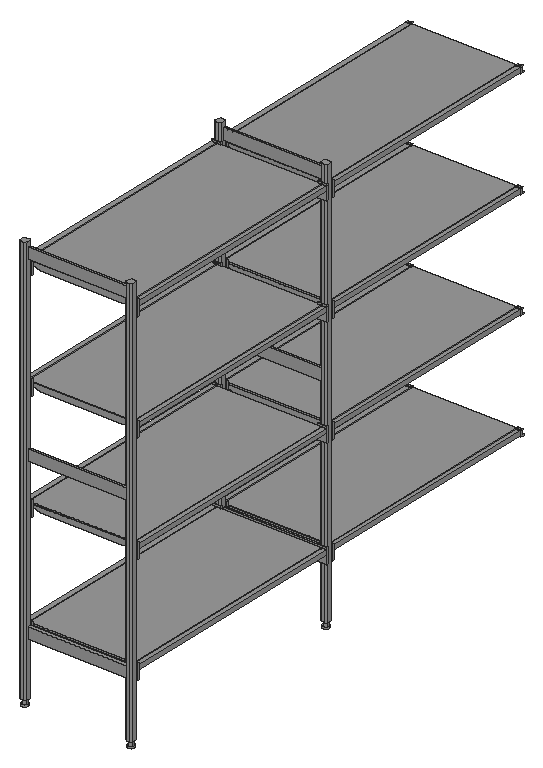
Revit family "QF_ELECTROLUXPROFESSIONAL_137084_CLS2016", category Attrezzature speciali, Revit 2020
Family settings
  Quota connettore circolare = Usa diametro
  Tipo di parte = Normale
  Basato su piano di lavoro = No
  Sempre verticale = Sì
  Taglio con vuoti quando caricato = No
  Condiviso = No
  Punto di calcolo locali = No
Parameters (values of type "Standard")
  Weight = 36.00 kg
  Watts = 0 W
  Volts = 0 V
  URL Manufacturer = "https://www.electroluxprofessional.com/"
  URL = "https://www.electroluxprofessional.com/"
  Steam Supply Size = 0 mm
  Steam Supply Minimum Pressure = 0.0 Pa
  Steam Supply Maximum Pressure = 0.0 Pa
  Steam Consumption per Hour = 0
  Refrigeration Suction Line Size = 0.0 mm
  Refrigeration Liquid Line Size = 0.0 mm
  Refrigerant Compressor Remote = yes
  Prospetto di default = 0.0 mm
  Phase = 0
  Modello = "CLS2016"
  Produttore = "Electrolux Professional"
  Length Actual = 2020.0 mm  # constant formula
  Item Number = "137084"
  Hot Water Size = 0 mm
  Height Actual = 1700.0 mm  # constant formula
  HP = "0 HP"
  Gas Size = 0 mm
  Gas KW = 0
  Gas Input Pressure = 0 W
  Direct Waste Size = 0 mm
  Descrizione = "ALUM.CORNER SHELV.-POLY.TIERS-475X2020MM"
  Depth Actual = 475.0 mm  # constant formula
  Cycle = 0 Hz
  Condensate Return Size = 0 mm
  Compressed Air Volume = 0.0 L/s
  Compressed Air Size = 0 mm
  Compressed Air Pressure = 0.0 Pa
  Cold Water Size = 0 mm
  Accessory = yes
Reference planes
  plane 1: z = 0
  plane 2 "CenterLeft": y = -535.5
  plane 3 "FRONT": y = -921.5
  plane 4 "LEFT": x = 192.5
  plane 5 "RIGHT": x = 667.5
  plane 6 "TOP": z = 1700
  plane 7: y = -889.5
  plane 8: y = 84.5
  plane 9 "Center (Left/Back)": x = 430
  plane 10: x = 256
  plane 11: x = 668
  plane 12 "FEET": z = 25
  plane 13: z = 275
  plane 14: z = 725
  plane 15: z = 1175
  plane 16: z = 1625
  plane 17 "CXLeft": y = -907.5
  plane 18 "Center (Front/Back)": y = 102.5
  plane 19 "CYFront": x = 510
  plane 20: y = 1094.5
  plane 21: y = 120.5
  plane 22 "BACK": y = 1098.5
  plane 23 "LEFT_ORIGIN": x = 158.5
  plane 24 "BACK_ORIGIN": y = 1573.5
Forms (mm)
  Extrusion 1, solid, material "QF_Aluminum"
    sketch origin (38.022, -921.5, -4.006) x (-1, 0, 0) y (0, 0, 1)
      loop
        line (-189.5, 1637.003) -> (-173.5, 1637.003) -> (-173.5, 1655) -> (-175.493, 1655) -> (-175.493, 1648.501) -> (-608.5, 1648.501) -> (-608.5, 1655) -> (-610.5, 1655) -> (-610.5, 1637.003) -> (-594.5, 1637.003) -> (-560.5, 1625) -> (-223.5, 1625) -> (-189.5, 1637.003)
      loop
        line (-189.5, 1187.003) -> (-173.5, 1187.003) -> (-173.5, 1205) -> (-175.493, 1205) -> (-175.493, 1198.501) -> (-608.5, 1198.501) -> (-608.5, 1205) -> (-610.5, 1205) -> (-610.5, 1187.003) -> (-594.5, 1187.003) -> (-560.5, 1175) -> (-223.5, 1175) -> (-189.5, 1187.003)
      loop
        line (-189.5, 737.003) -> (-173.5, 737.003) -> (-173.5, 755) -> (-175.493, 755) -> (-175.493, 748.501) -> (-608.5, 748.501) -> (-608.5, 755) -> (-610.5, 755) -> (-610.5, 737.003) -> (-594.5, 737.003) -> (-560.5, 725) -> (-223.5, 725) -> (-189.5, 737.003)
      loop
        line (-189.5, 287.003) -> (-173.5, 287.003) -> (-173.5, 305) -> (-175.493, 305) -> (-175.493, 298.501) -> (-608.5, 298.501) -> (-608.5, 305) -> (-610.5, 305) -> (-610.5, 287.003) -> (-594.5, 287.003) -> (-560.5, 275) -> (-223.5, 275) -> (-189.5, 287.003)
    from 37 to 32
  Extrusion 2, solid, material "QF_Aluminum"
    sketch origin (38.022, -921.5, 0) x (-1, 0, 0) y (0, 0, 1)
      loop
        line (-154.478, 246.005) -> (-154.478, 307.993) -> (-190.471, 307.993) -> (-190.471, 246.005) -> (-154.478, 246.005)
      loop
        line (-593.484, 246.005) -> (-593.484, 307.993) -> (-629.478, 307.993) -> (-629.478, 246.005) -> (-593.484, 246.005)
      loop
        line (-154.478, 696.005) -> (-154.478, 757.993) -> (-190.471, 757.993) -> (-190.471, 696.005) -> (-154.478, 696.005)
      loop
        line (-593.484, 696.005) -> (-593.484, 757.993) -> (-629.478, 757.993) -> (-629.478, 696.005) -> (-593.484, 696.005)
      loop
        line (-154.478, 1146.005) -> (-154.478, 1207.993) -> (-190.471, 1207.993) -> (-190.471, 1146.005) -> (-154.478, 1146.005)
      loop
        line (-593.484, 1146.005) -> (-593.484, 1207.993) -> (-629.478, 1207.993) -> (-629.478, 1146.005) -> (-593.484, 1146.005)
      loop
        line (-154.478, 1596.005) -> (-154.478, 1657.993) -> (-190.471, 1657.993) -> (-190.471, 1596.005) -> (-154.478, 1596.005)
      loop
        line (-593.484, 1596.005) -> (-593.484, 1657.993) -> (-629.478, 1657.993) -> (-629.478, 1596.005) -> (-593.484, 1596.005)
    from 28 to 32
  Extrusion 3, solid, material "QF_Aluminum"
    sketch origin (38.022, -921.5, 0) x (-1, 0, 0) y (0, 0, 1)
      loop
        line (-154.5, 1650.994) -> (-173.5, 1650.994) -> (-173.5, 1632.998) -> (-154.5, 1632.998) -> (-154.5, 1650.994)
      loop
        line (-154.5, 1200.994) -> (-173.5, 1200.994) -> (-173.5, 1182.998) -> (-154.5, 1182.998) -> (-154.5, 1200.994)
      loop
        line (-154.5, 750.994) -> (-173.5, 750.994) -> (-173.5, 732.998) -> (-154.5, 732.998) -> (-154.5, 750.994)
      loop
        line (-154.5, 300.994) -> (-173.5, 300.994) -> (-173.5, 282.998) -> (-154.5, 282.998) -> (-154.5, 300.994)
      loop
        line (-629.455, 1650.994) -> (-629.455, 1632.998) -> (-610.455, 1632.998) -> (-610.455, 1650.994) -> (-629.455, 1650.994)
      loop
        line (-629.455, 1200.994) -> (-629.455, 1182.998) -> (-610.455, 1182.998) -> (-610.455, 1200.994) -> (-629.455, 1200.994)
      loop
        line (-629.455, 750.994) -> (-629.455, 732.998) -> (-610.455, 732.998) -> (-610.455, 750.994) -> (-629.455, 750.994)
      loop
        line (-629.455, 300.994) -> (-629.455, 282.998) -> (-610.455, 282.998) -> (-610.455, 300.994) -> (-629.455, 300.994)
    from 32 to 1006
  Extrusion 4, solid, material "QF_Polyethylene"
    sketch origin (38.022, -921.5, 0) x (-1, 0, 0) y (0, 0, 1)
      loop
        line (-175.493, 1650.994) -> (-608.5, 1650.994) -> (-608.5, 1644.496) -> (-175.493, 1644.496) -> (-175.493, 1650.994)
      loop
        line (-175.493, 1200.994) -> (-608.5, 1200.994) -> (-608.5, 1194.496) -> (-175.493, 1194.496) -> (-175.493, 1200.994)
      loop
        line (-175.493, 750.994) -> (-608.5, 750.994) -> (-608.5, 744.496) -> (-175.493, 744.496) -> (-175.493, 750.994)
      loop
        line (-175.493, 300.994) -> (-608.5, 300.994) -> (-608.5, 294.496) -> (-175.493, 294.496) -> (-175.493, 300.994)
    from 32 to 1006
  Extrusion 5, solid, material "QF_Aluminum"
    sketch origin (38.022, 684.5, 0) x (-1, 0, 0) y (0, 0, 1)
      loop
        line (-154.5, 1650.994) -> (-173.5, 1650.994) -> (-173.5, 1632.998) -> (-154.5, 1632.998) -> (-154.5, 1650.994)
      loop
        line (-610.455, 1650.994) -> (-629.455, 1650.994) -> (-629.455, 1632.998) -> (-610.455, 1632.998) -> (-610.455, 1650.994)
      loop
        line (-154.5, 1200.994) -> (-173.5, 1200.994) -> (-173.5, 1182.998) -> (-154.5, 1182.998) -> (-154.5, 1200.994)
      loop
        line (-610.455, 1200.994) -> (-629.455, 1200.994) -> (-629.455, 1182.998) -> (-610.455, 1182.998) -> (-610.455, 1200.994)
      loop
        line (-154.5, 750.994) -> (-173.5, 750.994) -> (-173.5, 732.998) -> (-154.5, 732.998) -> (-154.5, 750.994)
      loop
        line (-610.455, 750.994) -> (-629.455, 750.994) -> (-629.455, 732.998) -> (-610.455, 732.998) -> (-610.455, 750.994)
      loop
        line (-154.5, 300.994) -> (-173.5, 300.994) -> (-173.5, 282.998) -> (-154.5, 282.998) -> (-154.5, 300.994)
      loop
        line (-610.455, 300.994) -> (-629.455, 300.994) -> (-629.455, 282.998) -> (-610.455, 282.998) -> (-610.455, 300.994)
    from 410 to -564
  Extrusion 6, solid, material "QF_Polyethylene"
    sketch origin (38.022, 684.5, 0) x (-1, 0, 0) y (0, 0, 1)
      loop
        line (-175.493, 1650.994) -> (-608.5, 1650.994) -> (-608.5, 1644.496) -> (-175.493, 1644.496) -> (-175.493, 1650.994)
      loop
        line (-175.493, 1200.994) -> (-608.5, 1200.994) -> (-608.5, 1194.496) -> (-175.493, 1194.496) -> (-175.493, 1200.994)
      loop
        line (-175.493, 750.994) -> (-608.5, 750.994) -> (-608.5, 744.496) -> (-175.493, 744.496) -> (-175.493, 750.994)
      loop
        line (-175.493, 300.994) -> (-608.5, 300.994) -> (-608.5, 294.496) -> (-175.493, 294.496) -> (-175.493, 300.994)
    from 410 to -564
Lines and regions (mm)
  symbolic lines
    curve 1: line (256, -912.5, 1700) -> (668, -912.5, 1700)
    curve 2: line (668, -902.5, 1700) -> (256, -902.5, 1700)
    curve 3: line (192.5, -893.5, 1700) -> (192.5, 88.5, 1700)
    curve 4: line (667.5, -889.5, 1700) -> (667.5, 84.5, 1700)
    curve 5: line (192.5, 116.5, 1700) -> (192.5, 1098.5, 1700)
    curve 6: line (667.5, 116.5, 1700) -> (667.5, 1098.5, 1700)
    curve 7: line (648.478, 84.5, 1700) -> (648.478, -889.5, 1700)
    curve 8: line (211.522, -889.5, 1700) -> (211.522, 84.5, 1700)
    curve 9: line (211.522, 120.5, 1700) -> (211.522, 1094.5, 1700)
    curve 10: line (648.478, 1094.5, 1700) -> (648.478, 120.5, 1700)
Dimensions and locks
  plane 3 "FRONT" to plane 2 "CenterLeft" = 386.0 mm
  locked: plane 6 "TOP" to level at 1700
  locked: plane 7 to plane 8 at 974
  locked: plane 10 to plane 11 at 412
  plane 10 to plane 9 "Center (Left/Back)" to plane 11 = 174.0 mm, 238.0 mm
  equal spacing: plane 4 "LEFT", plane 9 "Center (Left/Back)", plane 5 "RIGHT"
  plane 12 "FEET" to level = 25.0 mm
  plane 6 "TOP" to plane 12 "FEET" = 1675.0 mm
  plane 13 to plane 12 "FEET" = 250.0 mm
  plane 14 to plane 13 = 450.0 mm
  plane 15 to plane 14 = 450.0 mm
  plane 16 to plane 15 = 450.0 mm
  locked: plane 21 to plane 20 at 974
  locked: plane 8 to plane 18 "Center (Front/Back)" at 18
  locked: plane 18 "Center (Front/Back)" to plane 21 at 18
  locked: plane 3 "FRONT" to plane 7 at 32
  locked: plane 4 "LEFT" to plane 5 "RIGHT" at 475
  locked: plane 23 "LEFT_ORIGIN" to plane 5 "RIGHT" at 509
  locked: plane 22 "BACK" to plane 24 "BACK_ORIGIN" at 475
  locked: plane 22 "BACK" to plane 3 "FRONT" at 2020
  aligned and locked: level to plane 1
  aligned and locked: Extrusion 1 to plane 7
  aligned and locked: plane 7 to Extrusion 2
  aligned and locked: Extrusion 4 to plane 7
  aligned and locked: plane 8 to Extrusion 4
  aligned and locked: Extrusion 3 to plane 7
  aligned and locked: plane 8 to Extrusion 3
  aligned and locked: Extrusion 1 sketch curve to Extrusion 1 sketch curve  (x3)
  aligned and locked: Extrusion 5 sketch curve to Extrusion 5 sketch curve  (x2)
  aligned and locked: Extrusion 5 to plane 21  (x5)
  aligned and locked: Extrusion 6 to plane 21  (x5)
  aligned and locked: nested 2 to plane 18 "Center (Front/Back)"
  aligned and locked: plane 17 "CXLeft" to nested 1
  aligned and locked: plane 7 to Extrusion 3  (x3)
  aligned and locked: Extrusion 3 to plane 8  (x4)
  aligned and locked: Extrusion 4 to plane 8  (x4)
  aligned and locked: plane 20 to Extrusion 5
  aligned and locked: plane 20 to Extrusion 6
  aligned and locked: Extrusion 5 to plane 20  (x3)
  aligned and locked: Extrusion 6 to plane 20  (x3)
  aligned and locked: plane 9 "Center (Left/Back)" to nested 2
  aligned and locked: nested 3 to plane 22 "BACK"
Automatic sketch dimensions
  Extrusion 1 sketch curve to plane 19 "CYFront" = 138.522 mm  (x4)
  plane 11 to Extrusion 1 sketch curve = 35.478 mm  (x4)
  Extrusion 1 sketch curve to plane 13 = 4.006 mm
  Extrusion 1 sketch curve to Extrusion 1 sketch curve = 34.0 mm  (x4)
  Extrusion 1 sketch curve to plane 14 = 4.006 mm
  Extrusion 1 sketch curve to plane 15 = 4.006 mm
  Extrusion 1 sketch curve to plane 16 = 4.006 mm
  Extrusion 1 sketch curve to plane 10 = 5.522 mm  (x4)
  plane 10 to Extrusion 1 sketch curve = 28.478 mm  (x4)
  plane 13 to Extrusion 1 sketch curve = 7.998 mm  (x2)
  Extrusion 1 sketch curve to Extrusion 1 sketch curve = 11.498 mm  (x4)
  Extrusion 1 sketch curve to Extrusion 1 sketch curve = 6.499 mm  (x8)
  plane 14 to Extrusion 1 sketch curve = 7.998 mm  (x2)
  plane 15 to Extrusion 1 sketch curve = 7.998 mm  (x2)
  plane 16 to Extrusion 1 sketch curve = 7.998 mm  (x2)
  plane 5 "RIGHT" to Extrusion 2 sketch curve = 35.993 mm  (x4)
  Extrusion 2 sketch curve to plane 4 "LEFT" = 0.0 mm  (x4)
  plane 11 to Extrusion 2 sketch curve = 0.5 mm  (x4)
  plane 10 to Extrusion 2 sketch curve = 27.507 mm  (x4)
  Extrusion 2 sketch curve to plane 13 = 28.995 mm  (x2)
  plane 13 to Extrusion 2 sketch curve = 32.993 mm  (x2)
  Extrusion 2 sketch curve to plane 14 = 28.995 mm  (x2)
  plane 14 to Extrusion 2 sketch curve = 32.993 mm  (x2)
  Extrusion 2 sketch curve to plane 15 = 28.995 mm  (x2)
  plane 15 to Extrusion 2 sketch curve = 32.993 mm  (x2)
  Extrusion 2 sketch curve to plane 16 = 28.995 mm  (x2)
  plane 16 to Extrusion 2 sketch curve = 32.993 mm  (x2)
  plane 13 to Extrusion 4 sketch curve = 19.496 mm
  Extrusion 4 sketch curve to Extrusion 4 sketch curve = 6.499 mm  (x4)
  plane 14 to Extrusion 4 sketch curve = 19.496 mm
  plane 15 to Extrusion 4 sketch curve = 19.496 mm
  plane 16 to Extrusion 4 sketch curve = 19.496 mm
  plane 5 "RIGHT" to Extrusion 5 sketch curve = 0.022 mm  (x4)
  Extrusion 5 sketch curve to plane 4 "LEFT" = 19.022 mm  (x4)
  Extrusion 5 sketch curve to plane 19 "CYFront" = 138.478 mm  (x2)
  plane 13 to Extrusion 5 sketch curve = 7.998 mm  (x2)
  Extrusion 5 sketch curve to Extrusion 5 sketch curve = 17.997 mm  (x8)
  plane 14 to Extrusion 5 sketch curve = 7.998 mm  (x2)
  plane 15 to Extrusion 5 sketch curve = 7.998 mm  (x2)
  plane 16 to Extrusion 5 sketch curve = 7.998 mm  (x2)
  Extrusion 6 sketch curve to plane 19 "CYFront" = 136.522 mm  (x4)
  plane 13 to Extrusion 6 sketch curve = 19.496 mm
  Extrusion 6 sketch curve to Extrusion 6 sketch curve = 6.499 mm  (x4)
  plane 14 to Extrusion 6 sketch curve = 19.496 mm
  plane 15 to Extrusion 6 sketch curve = 19.496 mm
  plane 16 to Extrusion 6 sketch curve = 19.496 mm
  plane 5 "RIGHT" to Extrusion 3 sketch curve = 0.022 mm  (x4)
  Extrusion 3 sketch curve to Extrusion 3 sketch curve = 19.0 mm  (x4)
  plane 14 to Extrusion 3 sketch curve = 7.998 mm  (x2)
  plane 10 to Extrusion 3 sketch curve = 44.478 mm  (x4)
  Extrusion 3 sketch curve to plane 4 "LEFT" = 0.022 mm  (x4)
  plane 13 to Extrusion 3 sketch curve = 25.994 mm  (x2)
  plane 13 to Extrusion 3 sketch curve = 7.998 mm  (x2)
  Extrusion 3 sketch curve to Extrusion 3 sketch curve = 17.997 mm  (x6)
  plane 15 to Extrusion 3 sketch curve = 7.998 mm  (x2)
  plane 16 to Extrusion 3 sketch curve = 7.998 mm  (x2)
  plane 10 to Extrusion 1 sketch curve = 42.484 mm  (x4)
  plane 10 to Extrusion 1 sketch curve = 44.478 mm  (x2)
  Extrusion 1 sketch curve to Extrusion 1 sketch curve = 1.993 mm  (x2)
  plane 10 to Extrusion 4 sketch curve = 42.484 mm  (x4)
  Extrusion 5 sketch curve to plane 4 "LEFT" = 0.022 mm  (x4)
  plane 10 to Extrusion 6 sketch curve = 42.484 mm  (x4)
  Extrusion 1 sketch curve to Extrusion 1 sketch curve = 2.0 mm
  plane 5 "RIGHT" to Extrusion 4 sketch curve = 20.978 mm  (x4)
  curve 1 to plane 11 = 0.0 mm
  curve 1 to plane 10 = 0.0 mm
  curve 2 to plane 10 = 0.0 mm
  curve 2 to plane 11 = 0.0 mm
  curve 3 to plane 4 "LEFT" = 0.0 mm
  curve 4 to plane 5 "RIGHT" = 0.0 mm
  plane 7 to curve 4 = 0.0 mm
  plane 7 to curve 8 = 0.0 mm
  plane 8 to curve 8 = 0.0 mm
  plane 8 to curve 7 = 0.0 mm
  plane 8 to curve 4 = 0.0 mm
  curve 5 to plane 4 "LEFT" = 0.0 mm
  curve 6 to plane 5 "RIGHT" = 0.0 mm
  plane 20 to curve 9 = 0.0 mm
  plane 22 "BACK" to curve 5 = 0.0 mm
  plane 22 "BACK" to curve 6 = 0.0 mm
  plane 7 to curve 3 = 4.0 mm
  plane 17 "CXLeft" to curve 2 = 5.0 mm
  curve 1 to plane 17 "CXLeft" = 5.0 mm
  curve 3 to plane 8 = 4.0 mm
  curve 6 to plane 21 = 4.0 mm
  curve 9 to plane 4 "LEFT" = 19.022 mm
  curve 8 to plane 4 "LEFT" = 19.022 mm
  curve 9 to plane 21 = 0.0 mm
  plane 21 to curve 10 = 0.0 mm
  curve 5 to plane 21 = 4.0 mm
  plane 7 to curve 7 = 0.0 mm
  curve 4 to curve 7 = 19.022 mm
  plane 20 to curve 10 = 0.0 mm
  plane 5 "RIGHT" to curve 10 = 19.022 mm
Nested families
  nested 1: "WT_Anta475" at (215.5, -504.5, 0) x (0, 1, 0) z (0, 0, 1), type "WT_Anta475"
  nested 2: "WT_Anta475Center" at (215.5, 505.5, 0) x (0, 1, 0) z (0, 0, 1), type "WT_Anta475Center"
  nested 3: "WT_Aggancio475" at (215.5, 1506.5, 0) x (0, 1, 0) z (0, 0, 1), type "WT_Aggancio475"
Definition of nested family "WT_Anta475"
  Parameters
    WidthLeft = A + 64.0 mm  # 772.0 mm
    Width = 1606.0 mm
    Right = WidthLeft / 2  # 386.0 mm
    Default Elevation = 0.0 mm
    Left = -WidthLeft / 2  # -386.0 mm
    Height = 1725.0 mm
    FEET = 25.0 mm
    E = 0.0 mm
    Dint = Depth - 63.0 mm  # 412.0 mm
    Dext = Depth - 8.0 mm  # 467.0 mm
    Depth = 475.0 mm
    DX = (WidthLeft - A) / 2  # 32.0 mm
    B = 798.0 mm
    A = 708.0 mm
  Reference planes
    plane 1: z = 0
    plane 2 "LEFT": x = -417
    plane 3 "BACK": y = 23
    plane 4 "FRONT": y = -452
    plane 5 "TOP": z = 1725
    plane 6 "Center (Front/Back)": y = -214.5
    plane 7: y = -8.5
    plane 8: y = -420.5
    plane 9 "FEET": z = 25
    plane 10: z = 275
    plane 11: z = 725
    plane 12: z = 1175
    plane 13: z = 1625
    plane 14 "CXLeft": x = -403
    plane 15: y = 5.5
    plane 16 "CYBack": y = 5.5
    plane 17 "CYFront": y = -434.5
    plane 18: x = -385.031
    plane 19: x = -380.031
  Forms (mm)
    Extrusion 1, solid
      sketch origin (0, 0, 0) x (1, 0, 0) y (0, 1, 0)
        loop
          line (-417, 13.246) -> (-417, -2.246) -> (-410.746, -8.5) -> (-395.254, -8.5) -> (-389, -2.246) -> (-389, 13.246) -> (-395.254, 19.5) -> (-410.746, 19.5) -> (-417, 13.246)
      from 1725 to 25
    Extrusion 2, solid
      sketch origin (-417, 0, 0) x (0, 1, 0) y (0, 0, 1)
        loop
          line (23, 246.005) -> (23, 307.993) -> (-12.993, 307.993) -> (-12.993, 246.005) -> (23, 246.005)
        loop
          line (-452, 246.005) -> (-416.007, 246.005) -> (-416.007, 307.993) -> (-452, 307.993) -> (-452, 246.005)
        loop
          line (23, 696.005) -> (23, 757.993) -> (-12.993, 757.993) -> (-12.993, 696.005) -> (23, 696.005)
        loop
          line (-452, 696.005) -> (-416.007, 696.005) -> (-416.007, 757.993) -> (-452, 757.993) -> (-452, 696.005)
        loop
          line (23, 1146.005) -> (23, 1207.993) -> (-12.993, 1207.993) -> (-12.993, 1146.005) -> (23, 1146.005)
        loop
          line (-452, 1146.005) -> (-416.007, 1146.005) -> (-416.007, 1207.993) -> (-452, 1207.993) -> (-452, 1146.005)
        loop
          line (23, 1596.005) -> (23, 1657.993) -> (-12.993, 1657.993) -> (-12.993, 1596.005) -> (23, 1596.005)
        loop
          line (-452, 1596.005) -> (-416.007, 1596.005) -> (-416.007, 1657.993) -> (-452, 1657.993) -> (-452, 1596.005)
      from 28 to 32
    Revolve 3, solid
      sketch origin (-403, 0, 0) x (0, 1, 0) y (0, 0, 1)
        loop
          line (5.5, 25) -> (5.5, 0) -> (19, 0) -> (19, 5) -> (14, 5) -> (14, 25) -> (5.5, 25)
        axis (5.5, 25) -> (5.5, 0)
      angle from 0 to 360
    Extrusion 4, solid
      sketch origin (-403, 0, 0) x (0, 1, 0) y (0, 0, 1)
        loop
          line (-8.5, 912.382) -> (-8.5, 957.374) -> (-420.5, 957.374) -> (-420.5, 912.382) -> (-8.5, 912.382)
        loop
          line (-8.5, 1662.244) -> (-8.5, 1707.236) -> (-420.5, 1707.236) -> (-420.5, 1662.244) -> (-8.5, 1662.244)
      from -5 to 5
    Revolve 5, solid
      sketch origin (-403, -627, 0) x (0, -1, 0) y (0, 0, 1)
        loop
          line (-192.5, 25) -> (-192.5, 0) -> (-179, 0) -> (-179, 5) -> (-184, 5) -> (-184, 25) -> (-192.5, 25)
        axis (-192.5, 25) -> (-192.5, 0)
      angle from 0 to 360
    Extrusion 6, solid
      sketch origin (0, -627, 0) x (1, 0, 0) y (0, 1, 0)
        loop
          line (-417, 184.754) -> (-410.746, 178.5) -> (-395.254, 178.5) -> (-389, 184.754) -> (-389, 200.246) -> (-395.254, 206.5) -> (-410.746, 206.5) -> (-417, 200.246) -> (-417, 184.754)
      from 1725 to 25
    Extrusion 7, solid
      sketch origin (-417.031, -0.022, 0) x (0, 1, 0) y (0, 0, -1)
        loop
          line (-12, -1632.998) -> (-46, -1620.994) -> (-383, -1620.994) -> (-417, -1632.998) -> (-433, -1632.998) -> (-433, -1650.994) -> (-431, -1650.994) -> (-431, -1644.496) -> (2.007, -1644.496) -> (2.007, -1650.994) -> (4, -1650.994) -> (4, -1632.998) -> (-12, -1632.998)
        loop
          line (-12, -1182.998) -> (-46, -1170.994) -> (-383, -1170.994) -> (-417, -1182.998) -> (-433, -1182.998) -> (-433, -1200.994) -> (-431, -1200.994) -> (-431, -1194.496) -> (2.007, -1194.496) -> (2.007, -1200.994) -> (4, -1200.994) -> (4, -1182.998) -> (-12, -1182.998)
        loop
          line (-12, -732.998) -> (-46, -720.994) -> (-383, -720.994) -> (-417, -732.998) -> (-433, -732.998) -> (-433, -750.994) -> (-431, -750.994) -> (-431, -744.496) -> (2.007, -744.496) -> (2.007, -750.994) -> (4, -750.994) -> (4, -732.998) -> (-12, -732.998)
        loop
          line (-12, -282.998) -> (-46, -270.994) -> (-383, -270.994) -> (-417, -282.998) -> (-433, -282.998) -> (-433, -300.994) -> (-431, -300.994) -> (-431, -294.496) -> (2.007, -294.496) -> (2.007, -300.994) -> (4, -300.994) -> (4, -282.998) -> (-12, -282.998)
      from -32 to -37
    Extrusion 8, solid
      sketch origin (-403, 0, -659.878) x (0, 1, 0) y (0, 0, 1)
        loop
          line (-8.5, 912.382) -> (-8.5, 957.374) -> (-420.5, 957.374) -> (-420.5, 912.382) -> (-8.5, 912.382)
        loop
          line (-8.5, 1572.382) -> (-8.5, 1617.374) -> (-420.5, 1617.374) -> (-420.5, 1572.382) -> (-8.5, 1572.382)
        loop
          line (-8.5, 2322.382) -> (-8.5, 2367.374) -> (-420.5, 2367.374) -> (-420.5, 2322.382) -> (-8.5, 2322.382)
      from -5 to 5
  Lines and regions (mm)
    symbolic lines
      curve 1: line (-408, -8.5, 1725) -> (-408, -420.5, 1725)
      curve 2: line (-398, -420.5, 1725) -> (-398, -8.5, 1725)
      curve 3: line (-395.254, -8.5, 1725) -> (-410.746, -8.5, 1725)
      curve 4: line (-417, -2.246, 1725) -> (-410.746, -8.5, 1725)
      curve 5: line (-417, 13.246, 1725) -> (-417, -2.246, 1725)
      curve 6: line (-410.746, 19.5, 1725) -> (-417, 13.246, 1725)
      curve 7: line (-395.254, 19.5, 1725) -> (-410.746, 19.5, 1725)
      curve 8: line (-389, 13.246, 1725) -> (-395.254, 19.5, 1725)
      curve 9: line (-395.254, -8.5, 1725) -> (-389, -2.246, 1725)
      curve 10: line (-395.254, -420.5, 1725) -> (-410.746, -420.5, 1725)
      curve 11: line (-417, -426.754, 1725) -> (-410.746, -420.5, 1725)
      curve 12: line (-410.746, -448.5, 1725) -> (-417, -442.246, 1725)
      curve 13: line (-395.254, -448.5, 1725) -> (-410.746, -448.5, 1725)
      curve 14: line (-389, -442.246, 1725) -> (-395.254, -448.5, 1725)
      curve 15: line (-395.254, -420.5, 1725) -> (-389, -426.754, 1725)
      curve 16: line (-389, -452, 1725) -> (-389, -416.007, 1725)
      curve 17: line (-389, -416.007, 1725) -> (-385, -416.007, 1725)
      curve 18: line (-389, 23, 1725) -> (-389, -12.993, 1725)
      curve 19: line (-389, -12.993, 1725) -> (-385, -12.993, 1725)
      curve 20: line (-417, -426.754, 1725) -> (-417, -442.246, 1725)
      curve 21: line (-385, -452, 1725) -> (-385, -416.007, 1725)
      curve 22: line (-385, -452, 1725) -> (-389, -452, 1725)
      curve 23: line (-385, 23, 1725) -> (-389, 23, 1725)
      curve 24: line (-385, -12.993, 1725) -> (-385, 23, 1725)
      curve 25: line (-385.031, -13.016, 1725) -> (-385.031, -416.029, 1725)
  Dimensions and locks
    "Height": plane 5 "TOP" to level
    "Depth": plane 3 "BACK" to plane 4 "FRONT"
    "Dint": plane 7 to plane 8
    equal spacing: plane 7, plane 6 "Center (Front/Back)", plane 8
    equal spacing: plane 3 "BACK", plane 6 "Center (Front/Back)", plane 4 "FRONT"
    plane 9 "FEET" to level = 25.0 mm
    plane 5 "TOP" to plane 9 "FEET" = 1700.0 mm
    plane 10 to plane 9 "FEET" = 250.0 mm
    plane 11 to plane 10 = 450.0 mm
    plane 12 to plane 11 = 450.0 mm
    plane 13 to plane 12 = 450.0 mm
    locked: plane 2 "LEFT" to plane 14 "CXLeft" at 14
    locked: plane 3 "BACK" to plane 16 "CYBack" at 17.5
    locked: plane 17 "CYFront" to plane 4 "FRONT" at 17.5
    locked: Revolve 3 sketch curve to Revolve 3 sketch curve at 8.5
    locked: Revolve 3 sketch curve to plane 16 "CYBack" at 13.5
    locked: Revolve 5 sketch curve to Revolve 5 sketch curve at 8.5
    aligned and locked: level to plane 1
    aligned and locked: curve 20 to Extrusion 6
    aligned and locked: plane 5 "TOP" to Extrusion 1
    aligned and locked: plane 5 "TOP" to Extrusion 6
    aligned and locked: Extrusion 7 sketch curve to Extrusion 7 sketch curve  (x3)
  Automatic sketch dimensions
    curve 16 to plane 4 "FRONT" = 0.0 mm
    curve 11 to plane 8 = 0.0 mm
    curve 9 to plane 7 = 0.0 mm
    curve 5 to plane 2 "LEFT" = 0.0 mm
    curve 23 to plane 3 "BACK" = 0.0 mm
    plane 4 "FRONT" to curve 13 = 3.5 mm
    curve 20 to plane 17 "CYFront" = 7.746 mm
    curve 20 to plane 8 = 6.254 mm
    plane 8 to curve 16 = 4.493 mm
    curve 24 to plane 18 = 0.031 mm
    curve 24 to plane 7 = 4.493 mm
    plane 7 to curve 5 = 6.254 mm
    curve 5 to plane 15 = 7.746 mm
    curve 6 to plane 3 "BACK" = 3.5 mm
    curve 21 to plane 18 = 0.031 mm
    plane 18 to curve 23 = 3.969 mm
    plane 18 to curve 16 = 3.969 mm
    curve 18 to curve 8 = 6.254 mm
    curve 18 to curve 3 = 6.254 mm
    curve 16 to curve 13 = 6.254 mm
    curve 16 to curve 15 = 6.254 mm
    plane 2 "LEFT" to curve 10 = 6.254 mm
    plane 2 "LEFT" to curve 7 = 6.254 mm
    plane 2 "LEFT" to curve 12 = 6.254 mm
    plane 2 "LEFT" to curve 3 = 6.254 mm
    curve 14 to plane 17 "CYFront" = 7.746 mm
    curve 15 to plane 8 = 6.254 mm
    plane 7 to curve 9 = 6.254 mm
    curve 8 to plane 15 = 7.746 mm
    curve 3 to curve 2 = 2.746 mm
    curve 1 to curve 10 = 2.746 mm
    Extrusion 1 sketch curve to plane 2 "LEFT" = 0.0 mm
    Extrusion 1 sketch curve to plane 7 = 0.0 mm
    plane 2 "LEFT" to Extrusion 1 sketch curve = 6.254 mm  (x2)
    plane 14 "CXLeft" to Extrusion 1 sketch curve = 7.746 mm  (x2)
    Extrusion 1 sketch curve to plane 3 "BACK" = 3.5 mm
    plane 18 to Extrusion 1 sketch curve = 3.969 mm
    plane 7 to Extrusion 1 sketch curve = 6.254 mm  (x2)
    Extrusion 1 sketch curve to plane 15 = 7.746 mm  (x2)
    Extrusion 2 sketch curve to plane 4 "FRONT" = 0.0 mm  (x4)
    Extrusion 2 sketch curve to plane 3 "BACK" = 0.0 mm  (x4)
    plane 8 to Extrusion 2 sketch curve = 4.493 mm  (x4)
    Extrusion 2 sketch curve to plane 7 = 4.493 mm  (x4)
    Extrusion 2 sketch curve to plane 10 = 28.995 mm  (x2)
    plane 10 to Extrusion 2 sketch curve = 32.993 mm  (x2)
    Extrusion 2 sketch curve to plane 11 = 28.995 mm  (x2)
    plane 11 to Extrusion 2 sketch curve = 32.993 mm  (x2)
    Extrusion 2 sketch curve to plane 12 = 28.995 mm  (x2)
    plane 12 to Extrusion 2 sketch curve = 32.993 mm  (x2)
    Extrusion 2 sketch curve to plane 13 = 28.995 mm  (x2)
    plane 13 to Extrusion 2 sketch curve = 32.993 mm  (x2)
    Revolve 3 sketch curve to plane 9 "FEET" = 0.0 mm  (x2)
    Revolve 3 sketch curve to plane 15 = 0.0 mm  (x2)
    Revolve 3 sketch curve to level = 0.0 mm
    level to Revolve 3 sketch curve = 5.0 mm
    Revolve 3 sketch curve to Revolve 3 sketch curve = 11.655 mm
    Extrusion 4 sketch curve to plane 8 = 0.0 mm  (x2)
    Extrusion 4 sketch curve to plane 7 = 0.0 mm  (x2)
    plane 11 to Extrusion 4 sketch curve = 187.382 mm
    Extrusion 4 sketch curve to Extrusion 4 sketch curve = 44.992 mm
    plane 13 to Extrusion 4 sketch curve = 37.244 mm
    Extrusion 4 sketch curve to plane 5 "TOP" = 17.764 mm
    Revolve 5 sketch curve to plane 9 "FEET" = 0.0 mm  (x2)
    Revolve 5 sketch curve to plane 17 "CYFront" = 0.0 mm  (x2)
    Revolve 5 sketch curve to level = 0.0 mm
    Revolve 5 sketch curve to plane 4 "FRONT" = 4.0 mm
    Revolve 5 sketch curve to Revolve 5 sketch curve = 5.0 mm
    level to Revolve 5 sketch curve = 11.655 mm
    Extrusion 6 sketch curve to plane 2 "LEFT" = 0.0 mm
    Extrusion 6 sketch curve to plane 8 = 0.0 mm
    Extrusion 6 sketch curve to plane 2 "LEFT" = 6.254 mm  (x2)
    Extrusion 6 sketch curve to plane 14 "CXLeft" = 7.746 mm  (x2)
    Extrusion 6 sketch curve to plane 4 "FRONT" = 3.5 mm
    Extrusion 6 sketch curve to plane 18 = 3.969 mm
    plane 8 to Extrusion 6 sketch curve = 6.254 mm  (x2)
    plane 17 "CYFront" to Extrusion 6 sketch curve = 7.746 mm  (x2)
    plane 17 "CYFront" to Extrusion 7 sketch curve = 1.478 mm  (x4)
    Extrusion 7 sketch curve to Extrusion 7 sketch curve = 2.0 mm
    plane 8 to Extrusion 7 sketch curve = 3.478 mm  (x4)
    Extrusion 7 sketch curve to plane 10 = 4.006 mm
    Extrusion 7 sketch curve to Extrusion 7 sketch curve = 34.0 mm  (x4)
    Extrusion 7 sketch curve to plane 11 = 4.006 mm
    Extrusion 7 sketch curve to plane 12 = 4.006 mm
    Extrusion 7 sketch curve to plane 13 = 4.006 mm
    Extrusion 7 sketch curve to plane 7 = 37.522 mm  (x4)
    Extrusion 7 sketch curve to plane 7 = 3.522 mm  (x4)
    plane 15 to Extrusion 7 sketch curve = 3.516 mm  (x4)
    plane 15 to Extrusion 7 sketch curve = 1.522 mm  (x4)
    plane 13 to Extrusion 7 sketch curve = 7.998 mm  (x2)
    Extrusion 7 sketch curve to Extrusion 7 sketch curve = 11.498 mm
    Extrusion 7 sketch curve to Extrusion 7 sketch curve = 6.499 mm  (x5)
    plane 12 to Extrusion 7 sketch curve = 25.994 mm  (x2)
    plane 12 to Extrusion 7 sketch curve = 7.998 mm  (x2)
    plane 11 to Extrusion 7 sketch curve = 25.994 mm  (x2)
    plane 11 to Extrusion 7 sketch curve = 7.998 mm  (x2)
    plane 10 to Extrusion 7 sketch curve = 25.994 mm  (x2)
    plane 10 to Extrusion 7 sketch curve = 7.998 mm  (x2)
    curve 25 to plane 18 = 0.0 mm
    plane 8 to curve 25 = 4.471 mm
    curve 25 to plane 7 = 4.516 mm
    Extrusion 8 sketch curve to plane 8 = 0.0 mm  (x3)
    Extrusion 8 sketch curve to plane 7 = 0.0 mm  (x3)
    Extrusion 8 sketch curve to plane 10 = 22.496 mm
    plane 10 to Extrusion 8 sketch curve = 22.496 mm
    plane 11 to Extrusion 8 sketch curve = 187.504 mm
    Extrusion 8 sketch curve to Extrusion 8 sketch curve = 44.992 mm
    plane 13 to Extrusion 8 sketch curve = 37.504 mm
    Extrusion 8 sketch curve to plane 5 "TOP" = 17.504 mm
Definition of nested family "WT_Anta475Center"
  Parameters
    WidthLeft = A + 64.0 mm  # 772.0 mm
    Width = 1606.0 mm
    Right = WidthLeft / 2  # 386.0 mm
    Default Elevation = 0.0 mm
    Left = -WidthLeft / 2  # -386.0 mm
    Height = 1725.0 mm
    FEET = 25.0 mm
    E = 0.0 mm
    Dint = Depth - 63.0 mm  # 412.0 mm
    Dext = Depth - 8.0 mm  # 467.0 mm
    Depth = 475.0 mm
    DX = (WidthLeft - A) / 2  # 32.0 mm
    B = 798.0 mm
    A = 708.0 mm
  Reference planes
    plane 1: z = 0
    plane 2 "L": x = -417
    plane 3 "BACK": y = 23
    plane 4 "FRONT": y = -452
    plane 5 "TOP": z = 1725
    plane 6 "Center (Front/Back)": y = -214.5
    plane 7: y = -8.5
    plane 8: y = -420.5
    plane 9 "FEET": z = 25
    plane 10: z = 275
    plane 11: z = 725
    plane 12: z = 1175
    plane 13: z = 1625
    plane 14 "CXLeft": x = -403
    plane 15: y = 5.5
    plane 16 "CYBack": y = 5.5
    plane 17 "CYFront": y = -434.5
    plane 18: x = -385.031
    plane 19 "RIGHT": x = -380.031
    plane 20: x = -420.969
    plane 21 "LEFT": x = -425.969
  Forms (mm)
    Extrusion 1, solid
      sketch origin (0, 0, 0) x (1, 0, 0) y (0, 1, 0)
        loop
          line (-417, 13.246) -> (-417, -2.246) -> (-410.746, -8.5) -> (-395.254, -8.5) -> (-389, -2.246) -> (-389, 13.246) -> (-395.254, 19.5) -> (-410.746, 19.5) -> (-417, 13.246)
      from 1725 to 25
    Extrusion 2, solid
      sketch origin (-417, 0, 0) x (0, 1, 0) y (0, 0, 1)
        loop
          line (23, 246.005) -> (23, 307.993) -> (-12.993, 307.993) -> (-12.993, 246.005) -> (23, 246.005)
        loop
          line (-452, 246.005) -> (-416.007, 246.005) -> (-416.007, 307.993) -> (-452, 307.993) -> (-452, 246.005)
        loop
          line (23, 696.005) -> (23, 757.993) -> (-12.993, 757.993) -> (-12.993, 696.005) -> (23, 696.005)
        loop
          line (-452, 696.005) -> (-416.007, 696.005) -> (-416.007, 757.993) -> (-452, 757.993) -> (-452, 696.005)
        loop
          line (23, 1146.005) -> (23, 1207.993) -> (-12.993, 1207.993) -> (-12.993, 1146.005) -> (23, 1146.005)
        loop
          line (-452, 1146.005) -> (-416.007, 1146.005) -> (-416.007, 1207.993) -> (-452, 1207.993) -> (-452, 1146.005)
        loop
          line (23, 1596.005) -> (23, 1657.993) -> (-12.993, 1657.993) -> (-12.993, 1596.005) -> (23, 1596.005)
        loop
          line (-452, 1596.005) -> (-416.007, 1596.005) -> (-416.007, 1657.993) -> (-452, 1657.993) -> (-452, 1596.005)
      from 28 to 32
    Revolve 3, solid
      sketch origin (-403, 0, 0) x (0, 1, 0) y (0, 0, 1)
        loop
          line (5.5, 25) -> (5.5, 0) -> (19, 0) -> (19, 5) -> (14, 5) -> (14, 25) -> (5.5, 25)
        axis (5.5, 25) -> (5.5, 0)
      angle from 0 to 360
    Extrusion 4, solid
      sketch origin (-403, 0, 0) x (0, 1, 0) y (0, 0, 1)
        loop
          line (-8.5, 912.382) -> (-8.5, 957.374) -> (-420.5, 957.374) -> (-420.5, 912.382) -> (-8.5, 912.382)
        loop
          line (-8.5, 1662.244) -> (-8.5, 1707.236) -> (-420.5, 1707.236) -> (-420.5, 1662.244) -> (-8.5, 1662.244)
      from -5 to 5
    Revolve 5, solid
      sketch origin (-403, -627, 0) x (0, -1, 0) y (0, 0, 1)
        loop
          line (-192.5, 25) -> (-192.5, 0) -> (-179, 0) -> (-179, 5) -> (-184, 5) -> (-184, 25) -> (-192.5, 25)
        axis (-192.5, 25) -> (-192.5, 0)
      angle from 0 to 360
    Extrusion 6, solid
      sketch origin (0, -627, 0) x (1, 0, 0) y (0, 1, 0)
        loop
          line (-417, 184.754) -> (-410.746, 178.5) -> (-395.254, 178.5) -> (-389, 184.754) -> (-389, 200.246) -> (-395.254, 206.5) -> (-410.746, 206.5) -> (-417, 200.246) -> (-417, 184.754)
      from 1725 to 25
    Extrusion 7, solid
      sketch origin (-417.031, -0.022, 0) x (0, 1, 0) y (0, 0, -1)
        loop
          line (-12, -1632.998) -> (-46, -1620.994) -> (-383, -1620.994) -> (-417, -1632.998) -> (-433, -1632.998) -> (-433, -1650.994) -> (-431, -1650.994) -> (-431, -1644.496) -> (2.007, -1644.496) -> (2.007, -1650.994) -> (4, -1650.994) -> (4, -1632.998) -> (-12, -1632.998)
        loop
          line (-12, -1182.998) -> (-46, -1170.994) -> (-383, -1170.994) -> (-417, -1182.998) -> (-433, -1182.998) -> (-433, -1200.994) -> (-431, -1200.994) -> (-431, -1194.496) -> (2.007, -1194.496) -> (2.007, -1200.994) -> (4, -1200.994) -> (4, -1182.998) -> (-12, -1182.998)
        loop
          line (-12, -732.998) -> (-46, -720.994) -> (-383, -720.994) -> (-417, -732.998) -> (-433, -732.998) -> (-433, -750.994) -> (-431, -750.994) -> (-431, -744.496) -> (2.007, -744.496) -> (2.007, -750.994) -> (4, -750.994) -> (4, -732.998) -> (-12, -732.998)
        loop
          line (-12, -282.998) -> (-46, -270.994) -> (-383, -270.994) -> (-417, -282.998) -> (-433, -282.998) -> (-433, -300.994) -> (-431, -300.994) -> (-431, -294.496) -> (2.007, -294.496) -> (2.007, -300.994) -> (4, -300.994) -> (4, -282.998) -> (-12, -282.998)
      from -32 to -37
    Extrusion 8, solid
      sketch origin (-403, 0, -659.878) x (0, 1, 0) y (0, 0, 1)
        loop
          line (-8.5, 912.382) -> (-8.5, 957.374) -> (-420.5, 957.374) -> (-420.5, 912.382) -> (-8.5, 912.382)
        loop
          line (-8.5, 1572.382) -> (-8.5, 1617.374) -> (-420.5, 1617.374) -> (-420.5, 1572.382) -> (-8.5, 1572.382)
        loop
          line (-8.5, 2322.382) -> (-8.5, 2367.374) -> (-420.5, 2367.374) -> (-420.5, 2322.382) -> (-8.5, 2322.382)
      from -5 to 5
    Extrusion 9, solid
      sketch origin (-389, 0, 0) x (0, 1, 0) y (0, 0, -1)
        loop
          line (23, -246.005) -> (-12.993, -246.005) -> (-12.993, -307.993) -> (23, -307.993) -> (23, -246.005)
        loop
          line (-452, -246.005) -> (-452, -307.993) -> (-416.007, -307.993) -> (-416.007, -246.005) -> (-452, -246.005)
        loop
          line (23, -696.005) -> (-12.993, -696.005) -> (-12.993, -757.993) -> (23, -757.993) -> (23, -696.005)
        loop
          line (-452, -696.005) -> (-452, -757.993) -> (-416.007, -757.993) -> (-416.007, -696.005) -> (-452, -696.005)
        loop
          line (23, -1146.005) -> (-12.993, -1146.005) -> (-12.993, -1207.993) -> (23, -1207.993) -> (23, -1146.005)
        loop
          line (-452, -1146.005) -> (-452, -1207.993) -> (-416.007, -1207.993) -> (-416.007, -1146.005) -> (-452, -1146.005)
        loop
          line (23, -1596.005) -> (-12.993, -1596.005) -> (-12.993, -1657.993) -> (23, -1657.993) -> (23, -1596.005)
        loop
          line (-452, -1596.005) -> (-452, -1657.993) -> (-416.007, -1657.993) -> (-416.007, -1596.005) -> (-452, -1596.005)
      from 28 to 32
    Extrusion 10, solid
      sketch origin (-388.969, -0.022, 0) x (0, 1, 0) y (0, 0, 1)
        loop
          line (-12, 1632.998) -> (4, 1632.998) -> (4, 1650.994) -> (2.007, 1650.994) -> (2.007, 1644.496) -> (-431, 1644.496) -> (-431, 1650.994) -> (-433, 1650.994) -> (-433, 1632.998) -> (-417, 1632.998) -> (-383, 1620.994) -> (-46, 1620.994) -> (-12, 1632.998)
        loop
          line (-12, 1182.998) -> (4, 1182.998) -> (4, 1200.994) -> (2.007, 1200.994) -> (2.007, 1194.496) -> (-431, 1194.496) -> (-431, 1200.994) -> (-433, 1200.994) -> (-433, 1182.998) -> (-417, 1182.998) -> (-383, 1170.994) -> (-46, 1170.994) -> (-12, 1182.998)
        loop
          line (-12, 732.998) -> (4, 732.998) -> (4, 750.994) -> (2.007, 750.994) -> (2.007, 744.496) -> (-431, 744.496) -> (-431, 750.994) -> (-433, 750.994) -> (-433, 732.998) -> (-417, 732.998) -> (-383, 720.994) -> (-46, 720.994) -> (-12, 732.998)
        loop
          line (-12, 282.998) -> (4, 282.998) -> (4, 300.994) -> (2.007, 300.994) -> (2.007, 294.496) -> (-431, 294.496) -> (-431, 300.994) -> (-433, 300.994) -> (-433, 282.998) -> (-417, 282.998) -> (-383, 270.994) -> (-46, 270.994) -> (-12, 282.998)
      from -32 to -37
  Lines and regions (mm)
    symbolic lines
      curve 1: line (-408, -8.5, 1725) -> (-408, -420.5, 1725)
      curve 2: line (-398, -420.5, 1725) -> (-398, -8.5, 1725)
      curve 3: line (-395.254, -8.5, 1725) -> (-410.746, -8.5, 1725)
      curve 4: line (-417, -2.246, 1725) -> (-410.746, -8.5, 1725)
      curve 5: line (-410.746, 19.5, 1725) -> (-417, 13.246, 1725)
      curve 6: line (-395.254, 19.5, 1725) -> (-410.746, 19.5, 1725)
      curve 7: line (-389, 13.246, 1725) -> (-395.254, 19.5, 1725)
      curve 8: line (-395.254, -8.5, 1725) -> (-389, -2.246, 1725)
      curve 9: line (-395.254, -420.5, 1725) -> (-410.746, -420.5, 1725)
      curve 10: line (-417, -426.754, 1725) -> (-410.746, -420.5, 1725)
      curve 11: line (-410.746, -448.5, 1725) -> (-417, -442.246, 1725)
      curve 12: line (-395.254, -448.5, 1725) -> (-410.746, -448.5, 1725)
      curve 13: line (-389, -442.246, 1725) -> (-395.254, -448.5, 1725)
      curve 14: line (-395.254, -420.5, 1725) -> (-389, -426.754, 1725)
      curve 15: line (-389, -452, 1725) -> (-389, -416.007, 1725)
      curve 16: line (-389, -416.007, 1725) -> (-385, -416.007, 1725)
      curve 17: line (-389, 23, 1725) -> (-389, -12.993, 1725)
      curve 18: line (-389, -12.993, 1725) -> (-385, -12.993, 1725)
      curve 19: line (-385, -452, 1725) -> (-385, -416.007, 1725)
      curve 20: line (-385, -452, 1725) -> (-389, -452, 1725)
      curve 21: line (-385, 23, 1725) -> (-389, 23, 1725)
      curve 22: line (-385, -12.993, 1725) -> (-385, 23, 1725)
      curve 23: line (-385.031, -13.016, 1725) -> (-385.031, -416.029, 1725)
      curve 24: line (-417, -452, 1725) -> (-417, -416.007, 1725)
      curve 25: line (-417, -416.007, 1725) -> (-421, -416.007, 1725)
      curve 26: line (-417, 23, 1725) -> (-417, -12.993, 1725)
      curve 27: line (-417, -12.993, 1725) -> (-421, -12.993, 1725)
      curve 28: line (-421, -452, 1725) -> (-421, -416.007, 1725)
      curve 29: line (-421, -452, 1725) -> (-417, -452, 1725)
      curve 30: line (-421, 23, 1725) -> (-417, 23, 1725)
      curve 31: line (-421, -12.993, 1725) -> (-421, 23, 1725)
      curve 32: line (-420.969, -13.016, 1725) -> (-420.969, -416.029, 1725)
  Dimensions and locks
    "Height": plane 5 "TOP" to level
    "Depth": plane 3 "BACK" to plane 4 "FRONT"
    "Dint": plane 7 to plane 8
    equal spacing: plane 7, plane 6 "Center (Front/Back)", plane 8
    equal spacing: plane 3 "BACK", plane 6 "Center (Front/Back)", plane 4 "FRONT"
    plane 9 "FEET" to level = 25.0 mm
    plane 5 "TOP" to plane 9 "FEET" = 1700.0 mm
    plane 10 to plane 9 "FEET" = 250.0 mm
    plane 11 to plane 10 = 450.0 mm
    plane 12 to plane 11 = 450.0 mm
    plane 13 to plane 12 = 450.0 mm
    locked: plane 3 "BACK" to plane 16 "CYBack" at 17.5
    locked: plane 17 "CYFront" to plane 4 "FRONT" at 17.5
    locked: Revolve 3 sketch curve to Revolve 3 sketch curve at 8.5
    locked: Revolve 3 sketch curve to plane 16 "CYBack" at 13.5
    locked: Revolve 5 sketch curve to Revolve 5 sketch curve at 8.5
    aligned and locked: level to plane 1
    aligned and locked: plane 5 "TOP" to Extrusion 1
    aligned and locked: plane 5 "TOP" to Extrusion 6
    aligned and locked: Extrusion 7 sketch curve to Extrusion 7 sketch curve  (x3)
    aligned and locked: Extrusion 10 sketch curve to Extrusion 10 sketch curve  (x3)
  Automatic sketch dimensions
    curve 15 to plane 4 "FRONT" = 0.0 mm
    curve 28 to plane 4 "FRONT" = 0.0 mm
    curve 9 to plane 8 = 0.0 mm
    curve 25 to plane 2 "L" = 0.0 mm
    curve 8 to plane 7 = 0.0 mm
    curve 17 to plane 3 "BACK" = 0.0 mm
    curve 30 to plane 3 "BACK" = 0.0 mm
    plane 4 "FRONT" to curve 11 = 3.5 mm
    curve 19 to plane 18 = 0.031 mm
    plane 8 to curve 19 = 4.493 mm
    plane 8 to curve 25 = 4.493 mm
    curve 27 to plane 20 = 0.031 mm
    curve 27 to plane 7 = 4.493 mm
    curve 17 to plane 7 = 4.493 mm
    curve 5 to plane 15 = 7.746 mm
    curve 7 to plane 3 "BACK" = 3.5 mm
    curve 18 to plane 18 = 0.031 mm
    plane 18 to curve 21 = 3.969 mm
    plane 18 to curve 20 = 3.969 mm
    curve 15 to curve 9 = 6.254 mm
    curve 17 to curve 7 = 6.254 mm
    curve 17 to curve 3 = 6.254 mm
    curve 15 to curve 12 = 6.254 mm
    plane 2 "L" to curve 12 = 6.254 mm
    plane 2 "L" to curve 4 = 6.254 mm
    plane 2 "L" to curve 10 = 6.254 mm
    plane 2 "L" to curve 5 = 6.254 mm
    curve 28 to plane 20 = 0.031 mm
    curve 13 to plane 17 "CYFront" = 7.746 mm
    curve 14 to plane 8 = 6.254 mm
    plane 7 to curve 8 = 6.254 mm
    curve 7 to plane 15 = 7.746 mm
    curve 9 to curve 2 = 2.746 mm
    curve 1 to curve 9 = 2.746 mm
    Extrusion 1 sketch curve to plane 2 "L" = 0.0 mm
    Extrusion 1 sketch curve to plane 7 = 0.0 mm
    plane 2 "L" to Extrusion 1 sketch curve = 6.254 mm  (x2)
    plane 14 "CXLeft" to Extrusion 1 sketch curve = 7.746 mm  (x2)
    Extrusion 1 sketch curve to plane 3 "BACK" = 3.5 mm
    plane 18 to Extrusion 1 sketch curve = 3.969 mm
    plane 7 to Extrusion 1 sketch curve = 6.254 mm  (x2)
    Extrusion 1 sketch curve to plane 15 = 7.746 mm  (x2)
    Extrusion 2 sketch curve to plane 4 "FRONT" = 0.0 mm  (x4)
    Extrusion 2 sketch curve to plane 3 "BACK" = 0.0 mm  (x4)
    plane 8 to Extrusion 2 sketch curve = 4.493 mm  (x4)
    Extrusion 2 sketch curve to plane 7 = 4.493 mm  (x4)
    Extrusion 2 sketch curve to plane 10 = 28.995 mm  (x2)
    plane 10 to Extrusion 2 sketch curve = 32.993 mm  (x2)
    Extrusion 2 sketch curve to plane 11 = 28.995 mm  (x2)
    plane 11 to Extrusion 2 sketch curve = 32.993 mm  (x2)
    Extrusion 2 sketch curve to plane 12 = 28.995 mm  (x2)
    plane 12 to Extrusion 2 sketch curve = 32.993 mm  (x2)
    Extrusion 2 sketch curve to plane 13 = 28.995 mm  (x2)
    plane 13 to Extrusion 2 sketch curve = 32.993 mm  (x2)
    Revolve 3 sketch curve to plane 9 "FEET" = 0.0 mm  (x2)
    Revolve 3 sketch curve to plane 15 = 0.0 mm  (x2)
    Revolve 3 sketch curve to level = 0.0 mm
    level to Revolve 3 sketch curve = 5.0 mm
    Revolve 3 sketch curve to Revolve 3 sketch curve = 11.655 mm
    Extrusion 4 sketch curve to plane 8 = 0.0 mm  (x2)
    Extrusion 4 sketch curve to plane 7 = 0.0 mm  (x2)
    plane 11 to Extrusion 4 sketch curve = 187.382 mm
    Extrusion 4 sketch curve to Extrusion 4 sketch curve = 44.992 mm
    plane 13 to Extrusion 4 sketch curve = 37.244 mm
    Extrusion 4 sketch curve to plane 5 "TOP" = 17.764 mm
    Revolve 5 sketch curve to plane 9 "FEET" = 0.0 mm  (x2)
    Revolve 5 sketch curve to plane 17 "CYFront" = 0.0 mm  (x2)
    Revolve 5 sketch curve to level = 0.0 mm
    Revolve 5 sketch curve to plane 4 "FRONT" = 4.0 mm
    Revolve 5 sketch curve to Revolve 5 sketch curve = 5.0 mm
    level to Revolve 5 sketch curve = 11.655 mm
    Extrusion 6 sketch curve to plane 2 "L" = 0.0 mm
    Extrusion 6 sketch curve to plane 8 = 0.0 mm
    Extrusion 6 sketch curve to plane 2 "L" = 6.254 mm  (x2)
    Extrusion 6 sketch curve to plane 14 "CXLeft" = 7.746 mm  (x2)
    Extrusion 6 sketch curve to plane 4 "FRONT" = 3.5 mm
    Extrusion 6 sketch curve to plane 18 = 3.969 mm
    plane 8 to Extrusion 6 sketch curve = 6.254 mm  (x2)
    plane 17 "CYFront" to Extrusion 6 sketch curve = 7.746 mm  (x2)
    plane 17 "CYFront" to Extrusion 7 sketch curve = 1.478 mm  (x4)
    Extrusion 7 sketch curve to Extrusion 7 sketch curve = 2.0 mm
    plane 8 to Extrusion 7 sketch curve = 3.478 mm  (x4)
    Extrusion 7 sketch curve to plane 10 = 4.006 mm
    Extrusion 7 sketch curve to Extrusion 7 sketch curve = 34.0 mm  (x4)
    Extrusion 7 sketch curve to plane 11 = 4.006 mm
    Extrusion 7 sketch curve to plane 12 = 4.006 mm
    Extrusion 7 sketch curve to plane 13 = 4.006 mm
    Extrusion 7 sketch curve to plane 7 = 37.522 mm  (x4)
    Extrusion 7 sketch curve to plane 7 = 3.522 mm  (x4)
    plane 15 to Extrusion 7 sketch curve = 3.516 mm  (x4)
    plane 15 to Extrusion 7 sketch curve = 1.522 mm  (x4)
    plane 13 to Extrusion 7 sketch curve = 7.998 mm  (x2)
    Extrusion 7 sketch curve to Extrusion 7 sketch curve = 11.498 mm
    Extrusion 7 sketch curve to Extrusion 7 sketch curve = 6.499 mm  (x5)
    plane 12 to Extrusion 7 sketch curve = 25.994 mm  (x2)
    plane 12 to Extrusion 7 sketch curve = 7.998 mm  (x2)
    plane 11 to Extrusion 7 sketch curve = 25.994 mm  (x2)
    plane 11 to Extrusion 7 sketch curve = 7.998 mm  (x2)
    plane 10 to Extrusion 7 sketch curve = 25.994 mm  (x2)
    plane 10 to Extrusion 7 sketch curve = 7.998 mm  (x2)
    curve 23 to plane 18 = 0.0 mm
    curve 32 to plane 20 = 0.0 mm
    plane 8 to curve 23 = 4.471 mm
    plane 8 to curve 32 = 4.471 mm
    curve 32 to plane 7 = 4.516 mm
    curve 23 to plane 7 = 4.516 mm
    Extrusion 8 sketch curve to plane 8 = 0.0 mm  (x3)
    Extrusion 8 sketch curve to plane 7 = 0.0 mm  (x3)
    Extrusion 8 sketch curve to plane 10 = 22.496 mm
    plane 10 to Extrusion 8 sketch curve = 22.496 mm
    plane 11 to Extrusion 8 sketch curve = 187.504 mm
    Extrusion 8 sketch curve to Extrusion 8 sketch curve = 44.992 mm
    plane 13 to Extrusion 8 sketch curve = 37.504 mm
    Extrusion 8 sketch curve to plane 5 "TOP" = 17.504 mm
    Extrusion 9 sketch curve to plane 4 "FRONT" = 0.0 mm  (x4)
    Extrusion 9 sketch curve to plane 3 "BACK" = 0.0 mm  (x4)
    plane 8 to Extrusion 9 sketch curve = 4.493 mm  (x4)
    Extrusion 9 sketch curve to plane 7 = 4.493 mm  (x4)
    plane 13 to Extrusion 9 sketch curve = 32.993 mm  (x2)
    Extrusion 9 sketch curve to plane 13 = 28.995 mm  (x2)
    plane 12 to Extrusion 9 sketch curve = 32.993 mm  (x2)
    Extrusion 9 sketch curve to plane 12 = 28.995 mm  (x2)
    plane 11 to Extrusion 9 sketch curve = 32.993 mm  (x2)
    Extrusion 9 sketch curve to plane 11 = 28.995 mm  (x2)
    plane 10 to Extrusion 9 sketch curve = 32.993 mm  (x2)
    Extrusion 9 sketch curve to plane 10 = 28.995 mm  (x2)
    plane 17 "CYFront" to Extrusion 10 sketch curve = 1.478 mm  (x4)
    Extrusion 10 sketch curve to Extrusion 10 sketch curve = 2.0 mm
    plane 8 to Extrusion 10 sketch curve = 3.478 mm  (x4)
    Extrusion 10 sketch curve to plane 10 = 4.006 mm
    Extrusion 10 sketch curve to Extrusion 10 sketch curve = 34.0 mm  (x4)
    Extrusion 10 sketch curve to plane 11 = 4.006 mm
    Extrusion 10 sketch curve to plane 12 = 4.006 mm
    Extrusion 10 sketch curve to plane 13 = 4.006 mm
    Extrusion 10 sketch curve to plane 7 = 37.522 mm  (x4)
    Extrusion 10 sketch curve to plane 7 = 3.522 mm  (x4)
    plane 15 to Extrusion 10 sketch curve = 3.516 mm  (x4)
    plane 15 to Extrusion 10 sketch curve = 1.522 mm  (x4)
    plane 10 to Extrusion 10 sketch curve = 7.998 mm  (x2)
    Extrusion 10 sketch curve to Extrusion 10 sketch curve = 11.498 mm  (x4)
    Extrusion 10 sketch curve to Extrusion 10 sketch curve = 6.499 mm  (x8)
    plane 11 to Extrusion 10 sketch curve = 7.998 mm  (x2)
    plane 12 to Extrusion 10 sketch curve = 7.998 mm  (x2)
    plane 13 to Extrusion 10 sketch curve = 7.998 mm  (x2)
    curve 4 to plane 2 "L" = 0.0 mm
    plane 7 to curve 4 = 6.254 mm
    curve 11 to plane 17 "CYFront" = 7.746 mm
    curve 10 to plane 8 = 6.254 mm
Definition of nested family "WT_Aggancio475"
  Parameters
    WidthLeft = A + 64.0 mm  # 772.0 mm
    Width = 1606.0 mm
    Right = WidthLeft / 2  # 386.0 mm
    Default Elevation = 0.0 mm
    Left = -WidthLeft / 2  # -386.0 mm
    Height = 1725.0 mm
    FEET = 25.0 mm
    E = 0.0 mm
    Dint = Depth - 63.0 mm  # 412.0 mm
    Dext = Depth - 8.0 mm  # 467.0 mm
    Depth = 475.0 mm
    DX = (WidthLeft - A) / 2  # 32.0 mm
    B = 798.0 mm
    A = 708.0 mm
  Reference planes
    plane 1: z = 0
    plane 2 "LEFT": x = -417
    plane 3 "BACK": y = 23
    plane 4 "FRONT": y = -452
    plane 5 "TOP": z = 1725
    plane 6 "Center (Front/Back)": y = -214.5
    plane 7: y = -8.5
    plane 8: y = -420.5
    plane 9 "FEET": z = 25
    plane 10: z = 275
    plane 11: z = 725
    plane 12: z = 1175
    plane 13: z = 1625
    plane 14: y = 5.5
    plane 15 "CYBack": y = 5.5
    plane 16 "CYFront": y = -434.5
  Forms (mm)
    Extrusion 1, solid
      sketch origin (-380, -0.022, 0) x (0, 1, 0) y (0, 0, 1)
        loop
          line (-12, 1632.998) -> (4, 1632.998) -> (4, 1650.994) -> (2.007, 1650.994) -> (2.007, 1644.496) -> (-431, 1644.496) -> (-431, 1650.994) -> (-433, 1650.994) -> (-433, 1632.998) -> (-417, 1632.998) -> (-383, 1620.994) -> (-46, 1620.994) -> (-12, 1632.998)
        loop
          line (-12, 1182.998) -> (4, 1182.998) -> (4, 1200.994) -> (2.007, 1200.994) -> (2.007, 1194.496) -> (-431, 1194.496) -> (-431, 1200.994) -> (-433, 1200.994) -> (-433, 1182.998) -> (-417, 1182.998) -> (-383, 1170.994) -> (-46, 1170.994) -> (-12, 1182.998)
        loop
          line (-12, 732.998) -> (4, 732.998) -> (4, 750.994) -> (2.007, 750.994) -> (2.007, 744.496) -> (-431, 744.496) -> (-431, 750.994) -> (-433, 750.994) -> (-433, 732.998) -> (-417, 732.998) -> (-383, 720.994) -> (-46, 720.994) -> (-12, 732.998)
        loop
          line (-12, 282.998) -> (4, 282.998) -> (4, 300.994) -> (2.007, 300.994) -> (2.007, 294.496) -> (-431, 294.496) -> (-431, 300.994) -> (-433, 300.994) -> (-433, 282.998) -> (-417, 282.998) -> (-383, 270.994) -> (-46, 270.994) -> (-12, 282.998)
      from -32 to -37
    Extrusion 2, solid
      sketch origin (-793.062, -324.754, 6.5) x (1, 0, 0) y (0, 0, 1)
        loop
          line (385.062, 1644.496) -> (385.062, 1647.496) -> (376.062, 1647.496) -> (376.062, 1620.994) -> (390.031, 1620.994) -> (390.031, 1626.496) -> (381.062, 1626.496) -> (381.062, 1644.496) -> (385.062, 1644.496)
        loop
          line (385.062, 1194.496) -> (385.062, 1197.496) -> (376.062, 1197.496) -> (376.062, 1170.994) -> (390.031, 1170.994) -> (390.031, 1176.496) -> (381.062, 1176.496) -> (381.062, 1194.496) -> (385.062, 1194.496)
        loop
          line (385.062, 744.496) -> (385.062, 747.496) -> (376.062, 747.496) -> (376.062, 720.994) -> (390.031, 720.994) -> (390.031, 726.496) -> (381.062, 726.496) -> (381.062, 744.496) -> (385.062, 744.496)
        loop
          line (385.062, 294.496) -> (385.062, 297.496) -> (376.062, 297.496) -> (376.062, 270.994) -> (390.031, 270.994) -> (390.031, 276.496) -> (381.062, 276.496) -> (381.062, 294.496) -> (385.062, 294.496)
      from 108.268 to 127.246
    Extrusion 3, solid
      sketch origin (-793.062, 32.754, 6.5) x (1, 0, 0) y (0, 0, 1)
        loop
          line (385.062, 1644.496) -> (385.062, 1647.496) -> (376.062, 1647.496) -> (376.062, 1620.994) -> (390.031, 1620.994) -> (390.031, 1626.496) -> (381.062, 1626.496) -> (381.062, 1644.496) -> (385.062, 1644.496)
        loop
          line (385.062, 1194.496) -> (385.062, 1197.496) -> (376.062, 1197.496) -> (376.062, 1170.994) -> (390.031, 1170.994) -> (390.031, 1176.496) -> (381.062, 1176.496) -> (381.062, 1194.496) -> (385.062, 1194.496)
        loop
          line (385.062, 744.496) -> (385.062, 747.496) -> (376.062, 747.496) -> (376.062, 720.994) -> (390.031, 720.994) -> (390.031, 726.496) -> (381.062, 726.496) -> (381.062, 744.496) -> (385.062, 744.496)
        loop
          line (385.062, 294.496) -> (385.062, 297.496) -> (376.062, 297.496) -> (376.062, 270.994) -> (390.031, 270.994) -> (390.031, 276.496) -> (381.062, 276.496) -> (381.062, 294.496) -> (385.062, 294.496)
      from 9.754 to 28.776
  Lines and regions (mm)
    symbolic lines
      curve 1: line (-412, -452, 0) -> (-408, -452, 0)
      curve 2: line (-412, -433.022, 0) -> (-412, -452, 0)
      curve 3: line (-408, -433.022, 0) -> (-412, -433.022, 0)
      curve 4: line (-408, -452, 0) -> (-408, -433.022, 0)
      curve 5: line (-412, 3.978, 0) -> (-408, 3.978, 0)
      curve 6: line (-412, 23, 0) -> (-412, 3.978, 0)
      curve 7: line (-408, 23, 0) -> (-412, 23, 0)
      curve 8: line (-408, 3.978, 0) -> (-408, 23, 0)
  Dimensions and locks
    "Height": plane 5 "TOP" to level
    "Depth": plane 3 "BACK" to plane 4 "FRONT"
    "Dint": plane 7 to plane 8
